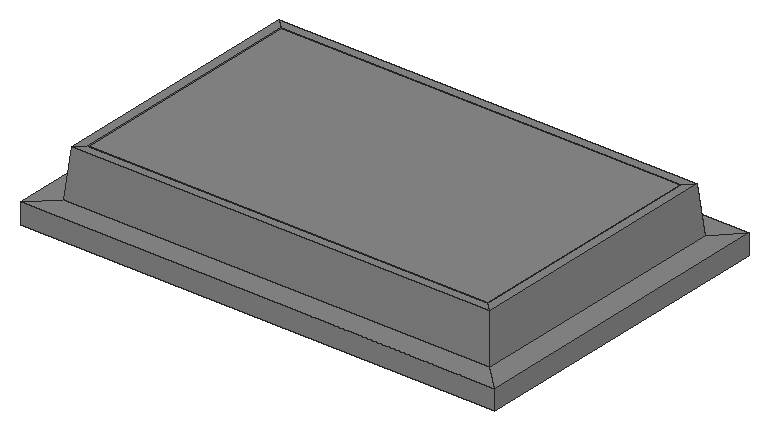
Revit family
Parameters (values of type "900 x 600mm")
  Length = 900 mm
  Width = 600 mm
Types (3, lengths in mm): name | Length | Width
  (no name) | 900 | 600
  900 x 600mm | 900 | 600
  1200 x 900mm | 1200 | 900
Reference planes
  plane 1 "Center (Front/Back)": y = 0
  plane 2: z = 0
  plane 3 "Center (Left/Right)": x = 0
  plane 4: y = 228.563
  plane 5: y = -228.562
  plane 6: y = 300
  plane 7: y = -300
  plane 8: x = -450
  plane 9: x = 450
  plane 10: x = -378.562
  plane 11: x = 378.563
  plane 12: x = 353.563
  plane 13: x = 25.4
  plane 14: x = -25.4
  plane 15: x = -353.562
  plane 16: y = 177.771
  plane 17: y = 126.979
  plane 18: y = 76.188
  plane 19: y = 25.396
  plane 20: y = -25.396
  plane 21: y = -76.187
  plane 22: y = -126.979
  plane 23: y = -177.771
  plane 24: y = -228.562
  plane 25: y = 228.562
Forms (mm)
  Sweep 1, solid, material "Metal - Paint Finish - Dark Gray, Matte"
    path origin (0, 0, 0) x (1, 0, 0) y (0, 1, 0)
      loop
        line (-450, 300) -> (-450, -300) -> (450, -300) -> (450, 300) -> (-450, 300)
    profile origin (0, 0, 0) x (0, 1, 0) y (0, 0, 1)
      loop
        line (300, 0) -> (300, 38.1) -> (253.803, 38.1) -> (246.025, 127) -> (228.563, 127) -> (228.563, 0) -> (300, 0)
  Extrusion 2, solid, material "Metal - Paint Finish - Dark Gray, Matte"
    sketch origin (378.563, -228.562, 127) x (-1, 0, 0) y (0, -1, 0)
      loop
        line (757.125, -457.125) -> (757.125, 0) -> (0, 0) -> (0, -457.125) -> (757.125, -457.125)
    from 0 to -44.45
Lines and regions (mm)
  model lines, style "Utilities"
    curve 1: line (-353.562, 191.741, 127) -> (-25.4, 191.741, 127)
    curve 2: line (-353.562, 163.801, 127) -> (-353.562, 191.741, 127)
    curve 3: line (-25.4, 163.801, 127) -> (-353.562, 163.801, 127)
    curve 4: line (-25.4, 191.741, 127) -> (-25.4, 163.801, 127)
    curve 5: line (-353.562, 140.949, 127) -> (-25.4, 140.949, 127)
    curve 6: line (-353.562, 113.009, 127) -> (-353.562, 140.949, 127)
    curve 7: line (-25.4, 113.009, 127) -> (-353.562, 113.009, 127)
    curve 8: line (-25.4, 140.949, 127) -> (-25.4, 113.009, 127)
    curve 9: line (-353.562, 90.158, 127) -> (-25.4, 90.158, 127)
    curve 10: line (-353.562, 62.218, 127) -> (-353.562, 90.158, 127)
    curve 11: line (-25.4, 62.218, 127) -> (-353.562, 62.218, 127)
    curve 12: line (-25.4, 90.158, 127) -> (-25.4, 62.218, 127)
    curve 13: line (-353.562, 39.366, 127) -> (-25.4, 39.366, 127)
    curve 14: line (-353.562, 11.426, 127) -> (-353.562, 39.366, 127)
    curve 15: line (-25.4, 11.426, 127) -> (-353.562, 11.426, 127)
    curve 16: line (-25.4, 39.366, 127) -> (-25.4, 11.426, 127)
    curve 17: line (-353.562, -11.426, 127) -> (-25.4, -11.426, 127)
    curve 18: line (-353.562, -39.366, 127) -> (-353.562, -11.426, 127)
    curve 19: line (-25.4, -39.366, 127) -> (-353.562, -39.366, 127)
    curve 20: line (-25.4, -11.426, 127) -> (-25.4, -39.366, 127)
    curve 21: line (-353.562, -62.217, 127) -> (-25.4, -62.217, 127)
    curve 22: line (-353.562, -90.157, 127) -> (-353.562, -62.217, 127)
    curve 23: line (-25.4, -90.157, 127) -> (-353.562, -90.157, 127)
    curve 24: line (-25.4, -62.217, 127) -> (-25.4, -90.157, 127)
    curve 25: line (-353.562, -113.009, 127) -> (-25.4, -113.009, 127)
    curve 26: line (-353.562, -140.949, 127) -> (-353.562, -113.009, 127)
    curve 27: line (-25.4, -140.949, 127) -> (-353.562, -140.949, 127)
    curve 28: line (-25.4, -113.009, 127) -> (-25.4, -140.949, 127)
    curve 29: line (-353.562, -163.801, 127) -> (-25.4, -163.801, 127)
    curve 30: line (-353.562, -191.741, 127) -> (-353.562, -163.801, 127)
    curve 31: line (-25.4, -191.741, 127) -> (-353.562, -191.741, 127)
    curve 32: line (-25.4, -163.801, 127) -> (-25.4, -191.741, 127)
    curve 33: line (25.4, 191.741, 127) -> (353.563, 191.741, 127)
    curve 34: line (25.4, 163.801, 127) -> (25.4, 191.741, 127)
    curve 35: line (353.563, 163.801, 127) -> (25.4, 163.801, 127)
    curve 36: line (353.563, 191.741, 127) -> (353.563, 163.801, 127)
    curve 37: line (25.4, 140.949, 127) -> (353.563, 140.949, 127)
    curve 38: line (25.4, 113.009, 127) -> (25.4, 140.949, 127)
    curve 39: line (353.563, 113.009, 127) -> (25.4, 113.009, 127)
    curve 40: line (353.563, 140.949, 127) -> (353.563, 113.009, 127)
    curve 41: line (25.4, 90.158, 127) -> (353.563, 90.158, 127)
    curve 42: line (25.4, 62.218, 127) -> (25.4, 90.158, 127)
    curve 43: line (353.563, 62.218, 127) -> (25.4, 62.218, 127)
    curve 44: line (353.563, 90.158, 127) -> (353.563, 62.218, 127)
    curve 45: line (25.4, 39.366, 127) -> (353.563, 39.366, 127)
    curve 46: line (25.4, 11.426, 127) -> (25.4, 39.366, 127)
    curve 47: line (353.563, 11.426, 127) -> (25.4, 11.426, 127)
    curve 48: line (353.563, 39.366, 127) -> (353.563, 11.426, 127)
    curve 49: line (25.4, -11.426, 127) -> (353.563, -11.426, 127)
    curve 50: line (25.4, -39.366, 127) -> (25.4, -11.426, 127)
    curve 51: line (353.563, -39.366, 127) -> (25.4, -39.366, 127)
    curve 52: line (353.563, -11.426, 127) -> (353.563, -39.366, 127)
    curve 53: line (25.4, -62.217, 127) -> (353.563, -62.217, 127)
    curve 54: line (25.4, -90.157, 127) -> (25.4, -62.217, 127)
    curve 55: line (353.563, -90.157, 127) -> (25.4, -90.157, 127)
    curve 56: line (353.563, -62.217, 127) -> (353.563, -90.157, 127)
    curve 57: line (25.4, -113.009, 127) -> (353.563, -113.009, 127)
    curve 58: line (25.4, -140.949, 127) -> (25.4, -113.009, 127)
    curve 59: line (353.563, -140.949, 127) -> (25.4, -140.949, 127)
    curve 60: line (353.563, -113.009, 127) -> (353.563, -140.949, 127)
    curve 61: line (25.4, -163.801, 127) -> (353.563, -163.801, 127)
    curve 62: line (25.4, -191.741, 127) -> (25.4, -163.801, 127)
    curve 63: line (353.563, -191.741, 127) -> (25.4, -191.741, 127)
    curve 64: line (353.563, -163.801, 127) -> (353.563, -191.741, 127)
Dimensions and locks
  equal spacing: Sweep 1 sketch curve, plane 3 "Center (Left/Right)", Sweep 1 sketch curve
  "Length": Sweep 1 sketch curve to Sweep 1 sketch curve
  equal spacing: Sweep 1 sketch curve, plane 1 "Center (Front/Back)", Sweep 1 sketch curve
  "Width": Sweep 1 sketch curve to Sweep 1 sketch curve
  equal spacing: plane 6, plane 1 "Center (Front/Back)", plane 7
  "Width": plane 6 to plane 7
  locked: plane 6 to plane 4 at 71.437
  locked: plane 5 to plane 7 at 71.438
  "Length": plane 8 to plane 9
  equal spacing: plane 8, plane 3 "Center (Left/Right)", plane 9
  locked: plane 8 to plane 10 at 71.438
  locked: plane 11 to plane 9 at 71.437
  locked: plane 10 to plane 15 at 25
  plane 14 to plane 3 "Center (Left/Right)" to plane 13 = 25.4 mm locked, 25.4 mm locked
  locked: plane 12 to plane 11 at 25
  locked: plane 6 to plane 25 at 71.438
  locked: plane 24 to plane 7 at 71.438
  equal spacing: plane 25, plane 16, plane 17, plane 18, plane 19, plane 20, plane 21, plane 22, plane 23, plane 24
  curve 35 to plane 16 to curve 33 = 13.97 mm, 13.97 mm
  curve 39 to plane 17 to curve 37 = 13.97 mm, 13.97 mm
  curve 43 to plane 18 to curve 41 = 13.97 mm, 13.97 mm
  curve 47 to plane 19 to curve 45 = 13.97 mm, 13.97 mm
  curve 51 to plane 20 to curve 49 = 13.97 mm, 13.97 mm
  curve 55 to plane 21 to curve 53 = 13.97 mm, 13.97 mm
  curve 59 to plane 22 to curve 57 = 13.97 mm, 13.97 mm
  curve 63 to plane 23 to curve 61 = 13.97 mm, 13.97 mm
  curve 3 to plane 16 to curve 1 = 13.97 mm, 13.97 mm
  curve 7 to plane 17 to curve 5 = 13.97 mm, 13.97 mm
  curve 11 to plane 18 to curve 9 = 13.97 mm, 13.97 mm
  curve 15 to plane 19 to curve 13 = 13.97 mm, 13.97 mm
  curve 19 to plane 20 to curve 17 = 13.97 mm, 13.97 mm
  curve 23 to plane 21 to curve 21 = 13.97 mm, 13.97 mm
  curve 27 to plane 22 to curve 25 = 13.97 mm, 13.97 mm
  curve 31 to plane 23 to curve 29 = 13.97 mm, 13.97 mm
  aligned and locked: plane 4 to Sweep 1
  aligned and locked: plane 5 to Sweep 1
  aligned and locked: Extrusion 2 sketch curve to Sweep 1  (x2)
  aligned and locked: curve 36 to plane 12
  aligned and locked: curve 40 to plane 12
  aligned and locked: curve 44 to plane 12
  aligned and locked: curve 48 to plane 12
  aligned and locked: curve 52 to plane 12
  aligned and locked: curve 56 to plane 12
Automatic sketch dimensions
  Sweep 1 sketch curve to level = 0 mm
  Sweep 1 sketch curve to profile plane = 0 mm
  profile plane to Sweep 1 sketch curve = 46.197 mm
  profile plane to Sweep 1 sketch curve = 53.975 mm
  Sweep 1 sketch curve to Sweep 1 sketch curve = 17.463 mm
  level to Sweep 1 sketch curve = 38.1 mm
  Sweep 1 sketch curve to Sweep 1 sketch curve = 88.9 mm
  Extrusion 2 sketch curve to plane 5 = 0 mm
  Extrusion 2 sketch curve to plane 4 = 0 mm
  curve 1 to plane 15 = 0 mm
  curve 31 to plane 15 = 0 mm
  curve 5 to plane 15 = 0 mm
  curve 27 to plane 15 = 0 mm
  curve 9 to plane 15 = 0 mm
  curve 23 to plane 15 = 0 mm
  curve 13 to plane 15 = 0 mm
  curve 19 to plane 15 = 0 mm
  curve 16 to plane 14 = 0 mm
  curve 17 to plane 14 = 0 mm
  curve 12 to plane 14 = 0 mm
  curve 21 to plane 14 = 0 mm
  curve 8 to plane 14 = 0 mm
  curve 25 to plane 14 = 0 mm
  curve 4 to plane 14 = 0 mm
  curve 29 to plane 14 = 0 mm
  curve 33 to plane 13 = 0 mm
  curve 63 to plane 13 = 0 mm
  curve 37 to plane 13 = 0 mm
  curve 59 to plane 13 = 0 mm
  curve 41 to plane 13 = 0 mm
  curve 55 to plane 13 = 0 mm
  curve 45 to plane 13 = 0 mm
  curve 51 to plane 13 = 0 mm
  curve 57 to plane 12 = 0 mm
  curve 61 to plane 12 = 0 mm
